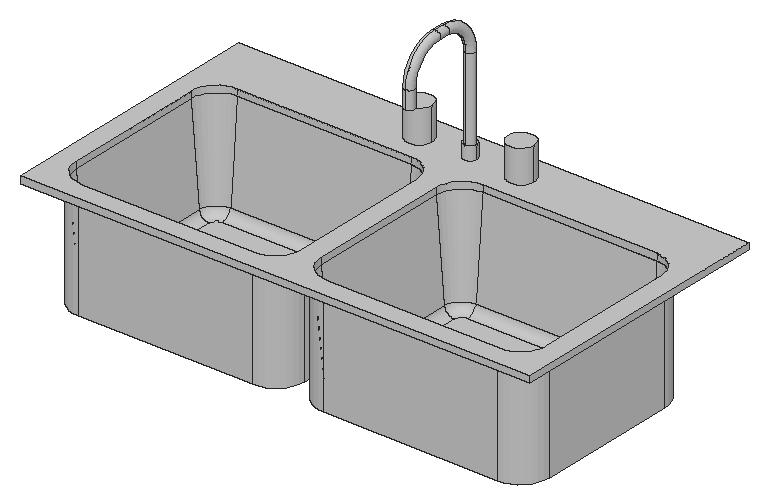
Revit family
Parameters (values of type "1000 x 535mm")
  작업대 높이 [instance] = 900 mm
  깊이 = 535 mm
  설비 재료 = 금속 - 스틸, 광택
  싱크대 재료 = 금속 - 스틸, 광택
  폭 = 1000 mm
Reference planes
  plane 1 "중심(앞/뒤)": y = -35.755
  plane 2: z = 0
  plane 3 "중심(왼쪽/오른쪽)": x = 15.689
  plane 4: y = 269.845
  plane 5: y = -265.155
  plane 6: x = -484.311
  plane 7: x = 515.689
  plane 8 "작업대 상단": z = 900
  plane 9: z = 912.7
  plane 10: z = 684.1
  plane 11: y = 155.545
  plane 12: x = -446.211
  plane 13: y = -227.055
  plane 14: x = 477.589
  plane 15: x = -84.311
  plane 16: x = 115.689
  plane 17: y = 212.695
  plane 18: y = 212.695
  plane 19: y = 212.695
  plane 20: z = 1163.525
  plane 21: y = 63.47
  plane 22: z = 976.2
  plane 23: z = 938.1
  plane 24: x = -3.361
  plane 25: x = 34.739
  plane 26: x = -215.261
  plane 27: x = 246.639
Forms (mm)
  Extrusion 1, solid, material "금속 - 스틸, 광택" <- "싱크대 재료"
    sketch origin (0, 0, 0) x (1, 0, 0) y (0, 1, 0)
      loop
        line (-484.311, 269.845) -> (-484.311, -265.155) -> (515.689, -265.155) -> (515.689, 269.845) -> (-484.311, 269.845)
      loop
        arc (-395.411, 155.545) -> (-431.332, 140.666) -> (-446.211, 104.745) r 50.8
        line (-446.211, 104.745) -> (-446.211, -176.255)
        arc (-446.211, -176.255) -> (-431.332, -212.176) -> (-395.411, -227.055) r 50.8
        line (-395.411, -227.055) -> (-54.161, -227.055)
        arc (-54.161, -227.055) -> (-18.24, -212.176) -> (-3.361, -176.255) r 50.8
        line (-3.361, -176.255) -> (-3.361, 104.745)
        arc (-3.361, 104.745) -> (-18.24, 140.666) -> (-54.161, 155.545) r 50.8
        line (-54.161, 155.545) -> (-395.411, 155.545)
      loop
        arc (426.789, -227.055) -> (462.71, -212.176) -> (477.589, -176.255) r 50.8
        line (477.589, -176.255) -> (477.589, 104.745)
        arc (477.589, 104.745) -> (462.71, 140.666) -> (426.789, 155.545) r 50.8
        line (426.789, 155.545) -> (85.539, 155.545)
        arc (85.539, 155.545) -> (49.618, 140.666) -> (34.739, 104.745) r 50.8
        line (34.739, 104.745) -> (34.739, -176.255)
        arc (34.739, -176.255) -> (49.618, -212.176) -> (85.539, -227.055) r 50.8
        line (85.539, -227.055) -> (426.789, -227.055)
    from 900 to 912.7
  Sweep 2, solid, material "금속 - 스틸, 광택" <- "싱크대 재료"
    path origin (0, 0, 0) x (1, 0, 0) y (0, 1, 0)
      loop
        arc (-395.411, 155.545) -> (-431.332, 140.666) -> (-446.211, 104.745) r 50.8
        line (-446.211, 104.745) -> (-446.211, -176.255)
        arc (-446.211, -176.255) -> (-431.332, -212.176) -> (-395.411, -227.055) r 50.8
        line (-395.411, -227.055) -> (-54.161, -227.055)
        arc (-54.161, -227.055) -> (-18.24, -212.176) -> (-3.361, -176.255) r 50.8
        line (-3.361, -176.255) -> (-3.361, 104.745)
        arc (-3.361, 104.745) -> (-18.24, 140.666) -> (-54.161, 155.545) r 50.8
        line (-54.161, 155.545) -> (-395.411, 155.545)
    profile origin (-224.786, 0, 0) x (0, 1, 0) y (0, 0, 1)
      loop
        line (155.545, 900) -> (139.011, 711.015)
        arc (139.011, 711.015) -> (132.904, 698.63) -> (120.034, 693.625) r 19.05
        line (120.034, 693.625) -> (117.445, 693.625) -> (117.445, 684.1) -> (161.895, 684.1) -> (161.895, 900) -> (155.545, 900)
  Extrusion 3, solid, material "금속 - 스틸, 광택" <- "싱크대 재료"
    sketch origin (0, 0, 0) x (1, 0, 0) y (0, 1, 0)
      loop
        arc (-395.411, 117.445) -> (-404.391, 113.726) -> (-408.111, 104.745) r 12.7
        line (-408.111, 104.745) -> (-408.111, -176.255)
        arc (-408.111, -176.255) -> (-404.391, -185.235) -> (-395.411, -188.955) r 12.7
        line (-395.411, -188.955) -> (-54.161, -188.955)
        arc (-54.161, -188.955) -> (-45.181, -185.235) -> (-41.461, -176.255) r 12.7
        line (-41.461, -176.255) -> (-41.461, 104.745)
        arc (-41.461, 104.745) -> (-45.181, 113.726) -> (-54.161, 117.445) r 12.7
        line (-54.161, 117.445) -> (-395.411, 117.445)
      loop
        circle (-215.261, -35.755) r 25.4
    from 684.1 to 693.625
  Extrusion 4, solid, material "금속 - 스틸, 광택" <- "설비 재료"
    sketch origin (0, 0, 0) x (1, 0, 0) y (0, 1, 0)
      loop
        circle (-84.311, 212.695) r 25.4
      loop
        circle (115.689, 212.695) r 25.4
    from 912.7 to 976.2
  Sweep 5, solid, material "금속 - 스틸, 광택" <- "설비 재료"
    path origin (15.689, 0, 0) x (0, 1, 0) y (0, 0, 1)
      loop
        line (212.695, 912.7) -> (212.695, 1100.025)
        arc (212.695, 1100.025) -> (194.097, 1144.926) -> (149.195, 1163.525) r 63.5
        line (149.195, 1163.525) -> (126.97, 1163.525)
        arc (126.97, 1163.525) -> (82.069, 1144.926) -> (63.47, 1100.025) r 63.5
        line (63.47, 1100.025) -> (63.47, 1065.1)
    profile origin (15.689, 0, 1006.363) x (0, -1, 0) y (1, 0, 0)
      loop
        circle (-212.695, 0) r 9.525
  Extrusion 6, solid, material "금속 - 스틸, 광택" <- "설비 재료"
    sketch origin (0, 0, 0) x (1, 0, 0) y (0, 1, 0)
      loop
        circle (15.689, 212.695) r 12.7
    from 912.7 to 938.1
  Sweep 7, solid, material "금속 - 스틸, 광택" <- "싱크대 재료"
    path origin (31.378, 0, 0) x (-1, 0, 0) y (0, -1, 0)
      loop
        line (-395.411, -155.545) -> (-54.161, -155.545)
        arc (-54.161, -155.545) -> (-18.24, -140.666) -> (-3.361, -104.745) r 50.8
        line (-3.361, -104.745) -> (-3.361, 176.255)
        arc (-3.361, 176.255) -> (-18.24, 212.176) -> (-54.161, 227.055) r 50.8
        line (-54.161, 227.055) -> (-395.411, 227.055)
        arc (-395.411, 227.055) -> (-431.332, 212.176) -> (-446.211, 176.255) r 50.8
        line (-446.211, 176.255) -> (-446.211, -104.745)
        arc (-446.211, -104.745) -> (-431.332, -140.666) -> (-395.411, -155.545) r 50.8
    profile origin (256.164, 0, 0) x (0, -1, 0) y (0, 0, 1)
      loop
        line (-155.545, 900) -> (-161.895, 900) -> (-161.895, 684.1) -> (-117.445, 684.1) -> (-117.445, 693.625) -> (-120.034, 693.625)
        arc (-120.034, 693.625) -> (-132.904, 698.63) -> (-139.011, 711.015) r 19.05
        line (-139.011, 711.015) -> (-155.545, 900)
  Extrusion 8, solid, material "금속 - 스틸, 광택" <- "싱크대 재료"
    sketch origin (0, 0, 0) x (1, 0, 0) y (0, 1, 0)
      loop
        arc (85.539, 120.034) -> (76.559, 116.314) -> (72.839, 107.334) r 12.7
        line (72.839, 107.334) -> (72.839, -176.255)
        arc (72.839, -176.255) -> (76.559, -185.235) -> (85.539, -188.955) r 12.7
        line (85.539, -188.955) -> (426.789, -188.955)
        arc (426.789, -188.955) -> (435.769, -185.235) -> (439.489, -176.255) r 12.7
        line (439.489, -176.255) -> (439.489, 107.334)
        arc (439.489, 107.334) -> (435.769, 116.314) -> (426.789, 120.034) r 12.7
        line (426.789, 120.034) -> (85.539, 120.034)
      loop
        circle (246.639, -35.755) r 25.4
    from 684.1 to 693.625
Cuts and joins
  joined: Sweep 5, Extrusion 6
  joined: Sweep 2, Extrusion 3
  joined: Sweep 7, Extrusion 8
Lines and regions (mm)
  Masking region 1
    outline origin (0, 0, 900) x (0, -1, 0) y (1, 0, 0)
      loop
        line (-269.845, -484.311) -> (265.155, -484.311) -> (265.155, 515.689) -> (-269.845, 515.689) -> (-269.845, -484.311)
  symbolic lines
    curve 1: line (-446.211, 104.745, 900) -> (-446.211, -176.255, 900)
    curve 2: line (-395.411, -227.055, 900) -> (-54.161, -227.055, 900)
    curve 3: line (477.589, -176.255, 900) -> (477.589, 104.745, 900)
    curve 4: line (426.789, 155.545, 900) -> (85.539, 155.545, 900)
    curve 5: arc (477.589, 104.745, 900) -> (462.71, 140.666, 900) -> (426.789, 155.545, 900) r 50.8
    curve 6: arc (426.789, -227.055, 900) -> (462.71, -212.176, 900) -> (477.589, -176.255, 900) r 50.8
    curve 7: arc (-446.211, -176.255, 900) -> (-431.332, -212.176, 900) -> (-395.411, -227.055, 900) r 50.8
    curve 8: arc (-395.411, 155.545, 900) -> (-431.332, 140.666, 900) -> (-446.211, 104.745, 900) r 50.8
    curve 9: arc (28.389, 212.695, 900) -> (15.689, 225.395, 900) -> (2.989, 212.695, 900) r 12.7
    curve 10: line (2.989, 212.695, 900) -> (2.989, 15.045, 900)
    curve 11: line (28.389, 212.695, 900) -> (28.389, 15.045, 900)
    curve 12: arc (28.389, 15.045, 900) -> (15.689, 2.345, 900) -> (2.989, 15.045, 900) r 12.7
    curve 13: line (-3.361, 104.745, 900) -> (-3.361, -176.255, 900)
    curve 14: line (34.739, 104.745, 900) -> (34.739, -176.255, 900)
    curve 15: line (85.539, -227.055, 900) -> (426.789, -227.055, 900)
    curve 16: line (-54.161, 155.545, 900) -> (-395.411, 155.545, 900)
    curve 17: arc (85.539, 155.545, 900) -> (49.618, 140.666, 900) -> (34.739, 104.745, 900) r 50.8
    curve 18: arc (34.739, -176.255, 900) -> (49.618, -212.176, 900) -> (85.539, -227.055, 900) r 50.8
    curve 19: arc (-3.361, -176.255, 900) -> (-18.24, -212.176, 900) -> (-54.161, -227.055, 900) r 50.8
    curve 20: arc (-3.361, 104.745, 900) -> (-18.24, 140.666, 900) -> (-54.161, 155.545, 900) r 50.8
    curve 21: arc (-240.661, -35.755, 900) -> (-215.261, -10.355, 900) -> (-189.861, -35.755, 900) r 25.4
    curve 22: arc (-189.861, -35.755, 900) -> (-215.261, -61.155, 900) -> (-240.661, -35.755, 900) r 25.4
    curve 23: arc (221.239, -35.755, 900) -> (246.639, -10.355, 900) -> (272.039, -35.755, 900) r 25.4
    curve 24: arc (272.039, -35.755, 900) -> (246.639, -61.155, 900) -> (221.239, -35.755, 900) r 25.4
    curve 25: arc (-58.911, 212.695, 900) -> (-84.311, 238.095, 900) -> (-109.711, 212.695, 900) r 25.4
    curve 26: arc (-109.711, 212.695, 900) -> (-84.311, 187.295, 900) -> (-58.911, 212.695, 900) r 25.4
    curve 27: arc (141.089, 212.695, 900) -> (115.689, 238.095, 900) -> (90.289, 212.695, 900) r 25.4
    curve 28: arc (90.289, 212.695, 900) -> (115.689, 187.295, 900) -> (141.089, 212.695, 900) r 25.4
Dimensions and locks
  equal spacing: plane 6, plane 3 "중심(왼쪽/오른쪽)", plane 7
  "폭": plane 6 to plane 7
  "깊이": plane 5 to plane 4
  "작업대 높이": plane 8 "작업대 상단" to plane 2
  locked: plane 9 to plane 8 "작업대 상단" at 12.7
  locked: plane 8 "작업대 상단" to plane 10 at 215.9
  locked: plane 6 to plane 12 at 38.1
  locked: plane 14 to plane 7 at 38.1
  locked: plane 11 to plane 4 at 114.3
  locked: plane 5 to plane 13 at 38.1
  equal spacing: plane 11, plane 17, plane 4
  equal spacing: plane 11, plane 18, plane 4
  equal spacing: plane 4, plane 19, plane 11
  locked: plane 19 to plane 21 at 149.225
  locked: plane 20 to plane 9 at 250.825
  locked: plane 22 to plane 9 at 63.5
  locked: plane 23 to plane 9 at 25.4
  plane 24 to plane 3 "중심(왼쪽/오른쪽)" to plane 25 = 19.05 mm locked, 19.05 mm locked
  equal spacing: plane 12, plane 26, plane 3 "중심(왼쪽/오른쪽)"
  equal spacing: plane 3 "중심(왼쪽/오른쪽)", plane 27, plane 14
  equal spacing: plane 13, plane 1 "중심(앞/뒤)", plane 11
  locked: plane 15 to plane 3 "중심(왼쪽/오른쪽)" at 100
  locked: plane 3 "중심(왼쪽/오른쪽)" to plane 16 at 100
  aligned and locked: Extrusion 1 sketch curve to plane 5
  aligned and locked: plane 7 to Extrusion 1 sketch curve
  aligned and locked: plane 4 to Extrusion 1 sketch curve
  aligned and locked: Extrusion 1 sketch curve to plane 6
  aligned and locked: plane 8 "작업대 상단" to Extrusion 1
  aligned and locked: Extrusion 1 to plane 9
  aligned and locked: plane 11 to Extrusion 1 sketch curve
  aligned and locked: plane 14 to Extrusion 1 sketch curve
  aligned and locked: Extrusion 1 sketch curve to plane 12
  aligned and locked: Extrusion 1 sketch curve to plane 13
  aligned and locked: plane 11 to Sweep 2 sketch curve
  aligned and locked: Sweep 2 sketch curve to plane 12
  aligned and locked: Sweep 2 sketch curve to plane 13
  aligned and locked: Sweep 2 to Extrusion 3 sketch curve  (x4)
  aligned and locked: plane 10 to Extrusion 3
  aligned and locked: Sweep 2 sketch curve to plane 10
  aligned and locked: plane 8 "작업대 상단" to Sweep 2 sketch curve
  aligned and locked: Extrusion 4 to Extrusion 1
  aligned and locked: Extrusion 6 to Extrusion 1
  aligned and locked: Sweep 5 sketch curve to plane 19
  aligned and locked: plane 20 to Sweep 5 sketch curve
  aligned and locked: plane 21 to Sweep 5 sketch curve
  aligned and locked: Extrusion 4 to plane 22
  aligned and locked: Extrusion 6 to plane 23
  aligned and locked: Sweep 2 sketch curve to Extrusion 1
  aligned and locked: Sweep 7 sketch curve to plane 14
  aligned and locked: Sweep 7 sketch curve to Extrusion 1
  aligned and locked: Sweep 7 sketch curve to plane 11
  aligned and locked: plane 13 to Sweep 7 sketch curve
  aligned and locked: Extrusion 8 to Sweep 2
  aligned and locked: plane 10 to Extrusion 8
  aligned and locked: curve 21 to Extrusion 3
  aligned and locked: curve 23 to Extrusion 8
  aligned and locked: Extrusion 8 sketch curve to Sweep 7
  aligned and locked: Sweep 7 sketch curve to plane 8 "작업대 상단"
  aligned and locked: plane 10 to Sweep 7 sketch curve
  aligned and locked: plane 7 to Masking region 1 sketch curve
  aligned and locked: plane 4 to Masking region 1 sketch curve
  aligned and locked: Masking region 1 sketch curve to plane 6
  aligned and locked: Masking region 1 sketch curve to plane 5
  aligned and locked: plane 15 to Extrusion 4 sketch curve
  aligned and locked: plane 17 to Extrusion 4 sketch curve  (x2)
  aligned and locked: plane 16 to Extrusion 4 sketch curve
  aligned and locked: curve 25 to Extrusion 4
  aligned and locked: curve 27 to Extrusion 4
  aligned and locked: Sweep 7 to Extrusion 3
Automatic sketch dimensions
  Sweep 2 sketch curve to profile plane = 0 mm
  profile plane to Sweep 2 sketch curve = 16.534 mm
  Sweep 2 sketch curve to Sweep 2 sketch curve = 18.978 mm
  Sweep 2 sketch curve to Sweep 2 sketch curve = 2.588 mm
  Sweep 2 sketch curve to profile plane = 6.35 mm
  Sweep 2 sketch curve to Sweep 2 sketch curve = 9.525 mm
  Sweep 2 sketch curve to Sweep 2 sketch curve = 17.39 mm
  plane 15 to Extrusion 4 sketch curve = 25.4 mm
  plane 16 to Extrusion 4 sketch curve = 25.4 mm
  Sweep 5 sketch curve to plane 3 "중심(왼쪽/오른쪽)" = 0 mm
  Sweep 5 sketch curve to profile plane = 0 mm
  profile plane to Sweep 5 sketch curve = 9.525 mm
  Extrusion 6 sketch curve to plane 18 = 0 mm
  Extrusion 6 sketch curve to plane 3 "중심(왼쪽/오른쪽)" = 0 mm
  Extrusion 6 sketch curve to plane 3 "중심(왼쪽/오른쪽)" = 12.7 mm
  Sweep 5 sketch curve to plane 9 = 0 mm
  Sweep 5 sketch curve to Sweep 5 sketch curve = 63.5 mm
  plane 11 to Sweep 5 sketch curve = 6.35 mm
  Sweep 5 sketch curve to Sweep 5 sketch curve = 34.925 mm
  Extrusion 1 sketch curve to plane 13 = 0 mm
  Extrusion 1 sketch curve to plane 24 = 0 mm
  Extrusion 1 sketch curve to plane 25 = 0 mm
  Extrusion 1 sketch curve to plane 11 = 0 mm
  Extrusion 1 sketch curve to plane 12 = 50.8 mm  (x2)
  Extrusion 1 sketch curve to plane 3 "중심(왼쪽/오른쪽)" = 69.85 mm  (x2)
  plane 3 "중심(왼쪽/오른쪽)" to Extrusion 1 sketch curve = 69.85 mm  (x2)
  plane 14 to Extrusion 1 sketch curve = 50.8 mm
  Extrusion 1 sketch curve to Extrusion 1 sketch curve = 50.8 mm
  Sweep 2 sketch curve to plane 12 = 50.8 mm  (x2)
  Sweep 2 sketch curve to plane 3 "중심(왼쪽/오른쪽)" = 69.85 mm  (x2)
  plane 14 to Sweep 7 sketch curve = 50.8 mm  (x2)
  Sweep 7 sketch curve to Sweep 7 sketch curve = 50.8 mm
  plane 3 "중심(왼쪽/오른쪽)" to Sweep 7 sketch curve = 69.85 mm
  Extrusion 3 sketch curve to plane 1 "중심(앞/뒤)" = 0 mm
  Extrusion 3 sketch curve to plane 26 = 0 mm
  Extrusion 3 sketch curve to Extrusion 3 sketch curve = 12.7 mm  (x4)
  plane 26 to Extrusion 3 sketch curve = 25.4 mm
  Extrusion 8 sketch curve to plane 1 "중심(앞/뒤)" = 0 mm
  Extrusion 8 sketch curve to plane 27 = 0 mm
  plane 27 to Extrusion 8 sketch curve = 25.4 mm
  plane 3 "중심(왼쪽/오른쪽)" to Extrusion 8 sketch curve = 69.85 mm  (x2)
  Extrusion 8 sketch curve to Extrusion 8 sketch curve = 12.7 mm  (x2)
  plane 11 to Extrusion 8 sketch curve = 48.212 mm
  Extrusion 8 sketch curve to plane 13 = 50.8 mm
  plane 7 to Extrusion 8 sketch curve = 88.9 mm
  Sweep 7 sketch curve to profile plane = 0 mm
  profile plane to Sweep 7 sketch curve = 6.35 mm
  Sweep 7 sketch curve to profile plane = 16.534 mm
  Sweep 7 sketch curve to Sweep 7 sketch curve = 18.978 mm
  Sweep 7 sketch curve to Sweep 7 sketch curve = 2.588 mm
  Sweep 7 sketch curve to Sweep 7 sketch curve = 1.66 mm
  Sweep 7 sketch curve to Sweep 7 sketch curve = 26.915 mm
  curve 17 to plane 11 = 0 mm
  curve 8 to plane 11 = 0 mm
  curve 5 to plane 14 = 0 mm
  curve 1 to plane 12 = 0 mm
  curve 12 to plane 3 "중심(왼쪽/오른쪽)" = 0 mm
  curve 2 to plane 13 = 0 mm
  curve 18 to plane 13 = 0 mm
  plane 4 to curve 11 = 57.15 mm
  plane 11 to curve 5 = 50.8 mm
  plane 11 to curve 8 = 50.8 mm
  curve 13 to plane 3 "중심(왼쪽/오른쪽)" = 19.05 mm
  curve 14 to curve 13 = 0 mm
  curve 11 to plane 1 "중심(앞/뒤)" = 50.8 mm
  plane 3 "중심(왼쪽/오른쪽)" to curve 14 = 19.05 mm
  curve 14 to plane 13 = 50.8 mm
  curve 13 to curve 14 = 0 mm
  curve 1 to plane 13 = 50.8 mm
  curve 6 to plane 13 = 50.8 mm
  curve 9 to plane 3 "중심(왼쪽/오른쪽)" = 12.7 mm
  curve 4 to curve 27 = 4.75 mm
